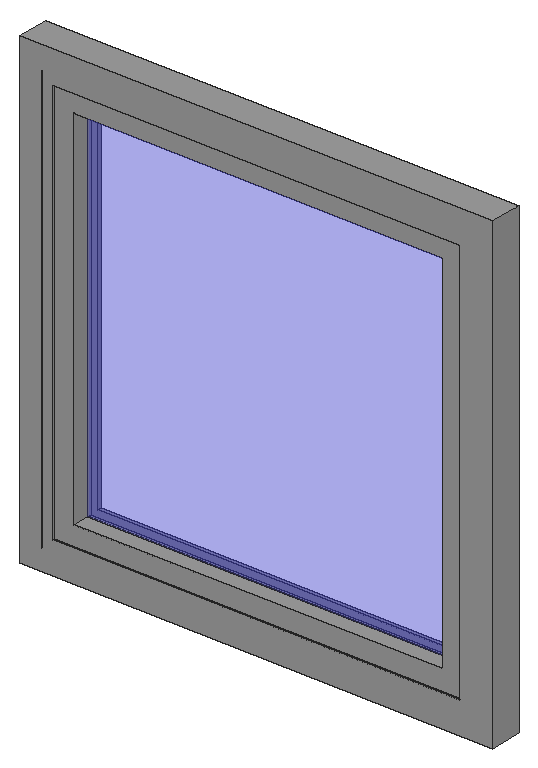
Revit family "12PL OP001_v02", category Windows, host Wall, Revit 2015
Parameters
  Wall Thickness [instance] = 0' - 6"
  URL = "obe.com"
  Rough Width = Width + 0' 0 1/2"  # 3' - 0 1/2"
  Rough Height = Height + 0' 0 1/2"  # 3' - 0 1/2"
  Offset Limitation [instance] = if((Offset + 0' 2 1/2") > Wall Thickness, (Wall Thickness - 0' 2 1/2"), Offset)  # 0' - 1"
  Offset [instance] = 0' - 1"
  Model = "12PL OP001"
  Manufacturer = "Oldcastle Building Envelope®"
  Keynote = "08 51 00"
  Height = 3' - 0"
  Glass Material = Glass
  Frame Material = Aluminum
  Description = "SIGNATURE SERIES 12PL"
  Default Sill Height = 2' - 0"
  Wall Closure = By host
  Width = 3' - 0"
  Construction Type = ""
  Assembly Code = "B2020"
  Analytic Construction = "<None>"
Reference planes (in)
  plane 1 "Center (Front/Back)": y = 0
  plane 2: z = 0
  plane 3 "Center (Left/Right)": x = 0
  plane 4 "Left": x = -18.25
  plane 5 "Right": x = 18.25
  plane 6 "Sill": z = 24
  plane 7 "Top": z = 60.5
  plane 8: x = 18
  plane 9: x = -18
  plane 10: z = 60.25
  plane 11: z = 24.25
  plane 12 "Offset": y = 2
  plane 13: z = 56.9995
  plane 14: z = 27.5005
  plane 15 "EXT": y = 1.96875
Forms (in)
  Sweep 1, solid, material "Aluminum" <- "Frame Material"
    path origin (0, 2, 0) x (1, 0, 0) y (0, 0, 1)
      loop
        line (-18, 59.125) -> (-18, 25.375)
    profile origin (-18, 2, 42.25) x (0, -1, 0) y (1, 0, 0)
      loop
        line (-0.15625, 1.125) -> (-0.15625, 2.063) -> (2.3125, 2.063) -> (2.3125, 3.751) -> (1.03125, 3.751) -> (1.03125, 3.2505) -> (0.03125, 3.2505) -> (0.03125, 3.7505) -> (-0.25, 3.7505) -> (-0.25, 1.125) -> (-0.15625, 1.125)
  Sweep 2, solid, material "Aluminum" <- "Frame Material"
    path origin (0, 2, 0) x (-1, 0, 0) y (0, 0, 1)
      loop
        line (-18, 59.125) -> (-18, 25.375)
    profile origin (18, 2, 42.25) x (0, -1, 0) y (1, 0, 0)
      loop
        line (-0.15625, -1.125) -> (-0.25, -1.125) -> (-0.25, -3.7505) -> (0.03125, -3.7505) -> (0.03125, -3.2505) -> (1.03125, -3.2505) -> (1.03125, -3.751) -> (2.3125, -3.751) -> (2.3125, -2.063) -> (-0.15625, -2.063) -> (-0.15625, -1.125)
  Sweep 3, solid, material "Aluminum" <- "Frame Material"
    path origin (0, 2, 0) x (1, 0, 0) y (0, 0, 1)
      loop
        line (-16.875, 24.25) -> (16.875, 24.25)
    profile origin (0, 2, 24.25) x (0, 0, 1) y (0, -1, 0)
      loop
        line (1.125, -0.15625) -> (1.125, -0.25) -> (3.7505, -0.25) -> (3.7505, 0.03125) -> (3.2505, 0.03125) -> (3.2505, 1.03125) -> (3.751, 1.03125) -> (3.751, 2.3125) -> (2.063, 2.3125) -> (2.063, -0.15625) -> (1.125, -0.15625)
  Sweep 4, solid, material "Aluminum" <- "Frame Material"
    path origin (0, 2, 120.5) x (1, 0, 0) y (0, 0, -1)
      loop
        line (-16.875, 60.25) -> (16.875, 60.25)
    profile origin (0, 2, 60.25) x (0, 0, 1) y (0, -1, 0)
      loop
        line (-1.125, -0.15625) -> (-2.063, -0.15625) -> (-2.063, 2.3125) -> (-3.751, 2.3125) -> (-3.751, 1.03125) -> (-3.2505, 1.03125) -> (-3.2505, 0.03125) -> (-3.7505, 0.03125) -> (-3.7505, -0.25) -> (-1.125, -0.25) -> (-1.125, -0.15625)
  Extrusion 5, solid, material "Glass" <- "Glass Material", detail levels coarse
    sketch origin (0, 0, 24) x (0, -1, 0) y (1, 0, 0)
      loop
        line (-1.96875, 14.7495) -> (-1.96875, -14.7495) -> (-0.96875, -14.7495) -> (-0.96875, 14.7495) -> (-1.96875, 14.7495)
    from 3.5005 to 32.9995
  Extrusion 6, solid, material "Glass" <- "Glass Material", detail levels medium+fine
    sketch origin (0, 0, 24) x (0, -1, 0) y (1, 0, 0)
      loop
        line (-1.96875, -14.7495) -> (-1.71875, -14.7495) -> (-1.71875, 14.7495) -> (-1.96875, 14.7495) -> (-1.96875, -14.7495)
      loop
        line (-1.20605, 14.7495) -> (-1.20605, -14.7495) -> (-0.96875, -14.7495) -> (-0.96875, 14.7495) -> (-1.20605, 14.7495)
    from 3.5005 to 32.9995
  Sweep 7, solid, material "Aluminum" <- "Frame Material"
    path origin (0, 2, 0) x (1, 0, 0) y (0, 0, 1)
      loop
        line (18.25, 60.25) -> (-18.25, 60.25)
    profile origin (0, 2, 60.25) x (0, 0, -1) y (0, -1, 0)
      loop
        line (2.25, 2.5) -> (-0.25, 2.5) -> (-0.25, 0) -> (1.375, 0) -> (1.375, 2.40625) -> (2.25, 2.40625) -> (2.25, 2.5)
  Sweep 8, solid, material "Aluminum" <- "Frame Material"
    path origin (0, 2, 0) x (1, 0, 0) y (0, 0, 1)
      loop
        line (18.25, 24.25) -> (-18.25, 24.25)
    profile origin (0, 2, 24.25) x (0, 0, -1) y (0, -1, 0)
      loop
        line (-1.375, 0) -> (0.25, 0) -> (0.25, 2.5) -> (-2.25, 2.5) -> (-2.25, 2.40625) -> (-1.375, 2.40625) -> (-1.375, 0)
  Sweep 9, solid, material "Aluminum" <- "Frame Material"
    path origin (0, 2, 0) x (1, 0, 0) y (0, 0, 1)
      loop
        line (-18, 60.5) -> (-18, 24)
    profile origin (-18, 2, 42.25) x (0, -1, 0) y (1, 0, 0)
      loop
        line (2.5, 2.25) -> (2.40625, 2.25) -> (2.40625, 1.375) -> (0, 1.375) -> (0, -0.25) -> (2.5, -0.25) -> (2.5, 2.25)
  Sweep 10, solid, material "Aluminum" <- "Frame Material"
    path origin (0, 2, 0) x (1, 0, 0) y (0, 0, 1)
      loop
        line (18.25, 24) -> (18.25, 60.5)
    profile origin (18.25, 2, 42.25) x (-1, 0, 0) y (0, -1, 0)
      loop
        line (1.625, 0) -> (1.625, 2.40625) -> (2.5, 2.40625) -> (2.5, 2.5) -> (0, 2.5) -> (0, 0) -> (1.625, 0)
Cuts and joins
  joined: Sweep 1, Sweep 2, Sweep 3, Sweep 4
  joined: Sweep 7, Sweep 8, Sweep 9, Sweep 10
Lines and regions (in)
  Opening 1
    outline origin (-60.68597, -3, 0) x (1, 0, 0) y (0, 0, 1)
      loop
        line (42.43597, 60.5) -> (42.43597, 24) -> (78.93597, 24) -> (78.93597, 60.5) -> (42.43597, 60.5)
  model lines, style "Opening Direction"
    curve 1: line (0, 1.96875, 56.499) -> (-14.2495, 1.96875, 28.0005)
    curve 2: line (0, 1.96875, 56.499) -> (14.249, 1.96875, 28.001)
Text (in)
  text "EXTERIOR" at (-58.6888, 50.90694, 0), in view "Ref. Level"
  text "INTERIOR" at (-58.6888, -37.76638, 0), in view "Ref. Level"
  text "Exterior" at (0, 43.65631, 123.19604), in view "Left"
  text "Exterior" at (0, 18.29385, 125.04747), in view "Right"
  text "Min Operable Size\n\n14\" width x 18\" height\n\n\n\nMax Operable Size\n\n72\" x 72\"\n\n\n\nMax Operable Area\n\n24 square feet" at (92.63041, 50.90694, 0), in view "Ref. Level"
Dimensions and locks (in)
  equal spacing: plane 4 "Left", plane 3 "Center (Left/Right)", plane 5 "Right"
  "Rough Height": plane 6 "Sill" to plane 7 "Top"
  "Default Sill Height": plane 2 to plane 6 "Sill"
  locked: plane 6 "Sill" to plane 11 at 0.25
  locked: plane 8 to plane 5 "Right" at 0.25
  "Height": plane 11 to plane 10
  "Offset Limitation": plane 12 "Offset" to host wall
  "Wall Thickness": host wall to host wall
  "Width": plane 9 to plane 8
  "Rough Width": plane 4 "Left" to plane 5 "Right"
  Extrusion 5 sketch curve to Extrusion 5 sketch curve to plane 12 "Offset" = 0' - 1" locked, 0' - 0 1/32" locked
  locked: plane 13 to plane 10 at 3.2505
  locked: plane 11 to plane 14 at 3.2505
  Extrusion 6 sketch curve to Extrusion 6 sketch curve to Extrusion 6 sketch curve to Extrusion 6 sketch curve to plane 12 "Offset" = 0' - 0.2373" locked, 0' - 0.5127" locked, 0' - 0 1/4" locked, 0' - 0 1/32" locked
  locked: plane 15 "EXT" to plane 12 "Offset" at 0.03125
  plane 6 "Sill" to plane 7 "Top" = 3' - 0 1/2"
  locked: Sweep 2 sketch curve to plane 10 at 1.125
  locked: plane 11 to Sweep 2 sketch curve at 1.125
  locked: plane 9 to Sweep 3 sketch curve at 1.125
  locked: Sweep 3 sketch curve to plane 8 at 1.125
  locked: plane 6 "Sill" to Sweep 1 sketch curve at 1.375
  locked: Sweep 1 sketch curve to plane 7 "Top" at 1.375
  locked: Sweep 4 sketch curve to plane 5 "Right" at 1.375
  locked: plane 4 "Left" to Sweep 4 sketch curve at 1.375
  aligned and locked: plane 7 "Top" to Opening 1 sketch curve
  aligned and locked: plane 6 "Sill" to Opening 1 sketch curve  (x2)
  aligned and locked: plane 5 "Right" to Opening 1 sketch curve
  aligned and locked: plane 4 "Left" to Opening 1 sketch curve
  aligned and locked: level to plane 2
  aligned and locked: plane 9 to Sweep 1 sketch curve
  aligned and locked: Sweep 2 sketch curve to plane 8
  aligned and locked: plane 11 to Sweep 3 sketch curve
  aligned and locked: Sweep 4 sketch curve to plane 10
  aligned and locked: Extrusion 5 to plane 13
  aligned and locked: plane 14 to Extrusion 5
  aligned and locked: plane 14 to Extrusion 6
  aligned and locked: Extrusion 6 to plane 13
  aligned and locked: plane 4 "Left" to Sweep 7 sketch curve
  aligned and locked: plane 5 "Right" to Sweep 7 sketch curve
  aligned and locked: plane 11 to Sweep 8 sketch curve
  aligned and locked: plane 4 "Left" to Sweep 8 sketch curve
  aligned and locked: plane 5 "Right" to Sweep 8 sketch curve
  aligned and locked: Sweep 9 sketch curve to plane 9
  aligned and locked: plane 6 "Sill" to Sweep 9 sketch curve
  aligned and locked: plane 7 "Top" to Sweep 9 sketch curve
  aligned and locked: plane 5 "Right" to Sweep 10 sketch curve
  aligned and locked: plane 7 "Top" to Sweep 10 sketch curve
  aligned and locked: plane 6 "Sill" to Sweep 10 sketch curve
Automatic sketch dimensions
  Sweep 1 sketch curve to plane 12 "Offset" = 0' - 0 5/32"
  Sweep 1 sketch curve to plane 12 "Offset" = 0' - 0 1/4"
  plane 12 "Offset" to Sweep 1 sketch curve = 0' - 0 1/32"
  Sweep 1 sketch curve to Sweep 1 sketch curve = 0' - 1"
  Sweep 1 sketch curve to Sweep 1 sketch curve = 0' - 1 9/32"
  Sweep 1 sketch curve to profile plane = 0' - 1 1/8"
  Sweep 1 sketch curve to Sweep 1 sketch curve = 0' - 1 3/16"
  Sweep 1 sketch curve to Sweep 1 sketch curve = 0' - 0 1/2"
  Sweep 1 sketch curve to Sweep 1 sketch curve = 0' - 0.5005"
  Sweep 2 sketch curve to plane 12 "Offset" = 0' - 0 1/4"
  plane 12 "Offset" to Sweep 2 sketch curve = 0' - 0 1/32"
  Sweep 2 sketch curve to Sweep 2 sketch curve = 0' - 1"
  Sweep 2 sketch curve to Sweep 2 sketch curve = 0' - 1 9/32"
  Sweep 2 sketch curve to Sweep 2 sketch curve = 0' - 1 3/16"
  Sweep 2 sketch curve to Sweep 2 sketch curve = 0' - 0 1/2"
  Sweep 2 sketch curve to Sweep 2 sketch curve = 0' - 0.5005"
  Sweep 3 sketch curve to plane 12 "Offset" = 0' - 0 1/4"
  Sweep 3 sketch curve to profile plane = 0' - 1 1/8"
  plane 12 "Offset" to Sweep 3 sketch curve = 0' - 0 1/32"
  Sweep 3 sketch curve to Sweep 3 sketch curve = 0' - 0 1/2"
  Sweep 3 sketch curve to Sweep 3 sketch curve = 0' - 0.5005"
  Sweep 3 sketch curve to Sweep 3 sketch curve = 0' - 1"
  plane 12 "Offset" to Sweep 4 sketch curve = 0' - 1 1/32"
  plane 12 "Offset" to Sweep 4 sketch curve = 0' - 0 1/32"
  Sweep 4 sketch curve to Sweep 4 sketch curve = 0' - 0.0005"
  Sweep 4 sketch curve to Sweep 4 sketch curve = 0' - 0 1/2"
  Sweep 4 sketch curve to plane 12 "Offset" = 0' - 0 1/4"
  profile plane to Sweep 4 sketch curve = 0' - 1 1/8"
  Extrusion 5 sketch curve to plane 9 = 0' - 3.2505"
  plane 8 to Extrusion 5 sketch curve = 0' - 3.2505"
  Extrusion 6 sketch curve to plane 9 = 0' - 3.2505"
  Extrusion 6 sketch curve to Extrusion 6 sketch curve = 0' - 0"  (x2)
  plane 8 to Extrusion 6 sketch curve = 0' - 3.2505"
  Sweep 3 sketch curve to Sweep 3 sketch curve = 0' - 1 3/16"
  Sweep 3 sketch curve to Sweep 3 sketch curve = 0' - 1 9/32"
  Sweep 3 sketch curve to plane 12 "Offset" = 0' - 0 5/32"
  Sweep 3 sketch curve to Sweep 3 sketch curve = 0' - 0.938"
  Sweep 4 sketch curve to Sweep 4 sketch curve = 0' - 1 9/32"
  Sweep 4 sketch curve to Sweep 4 sketch curve = 0' - 1.688"
  Sweep 4 sketch curve to plane 12 "Offset" = 0' - 0 5/32"
  Sweep 4 sketch curve to Sweep 4 sketch curve = 0' - 0.938"
  Sweep 1 sketch curve to Sweep 1 sketch curve = 0' - 0.938"
  profile plane to Sweep 2 sketch curve = 0' - 1 1/8"
  Sweep 2 sketch curve to plane 12 "Offset" = 0' - 0 5/32"
  Sweep 2 sketch curve to Sweep 2 sketch curve = 0' - 0.938"
  Sweep 7 sketch curve to plane 10 = 0' - 0"
  Sweep 7 sketch curve to plane 12 "Offset" = 0' - 0"
  profile plane to Sweep 7 sketch curve = 0' - 0 1/4"
  Sweep 7 sketch curve to profile plane = 0' - 1 3/8"
  Sweep 7 sketch curve to Sweep 7 sketch curve = 0' - 0 7/8"
  Sweep 7 sketch curve to Sweep 7 sketch curve = 0' - 2 13/32"
  Sweep 7 sketch curve to Sweep 7 sketch curve = 0' - 0 3/32"
  profile plane to Sweep 8 sketch curve = 0' - 2 1/4"
  Sweep 8 sketch curve to Sweep 8 sketch curve = 0' - 0 7/8"
  Sweep 8 sketch curve to profile plane = 0' - 0 1/4"
  Sweep 8 sketch curve to Sweep 8 sketch curve = 0' - 0 3/32"
  Sweep 8 sketch curve to Sweep 8 sketch curve = 0' - 2 13/32"
  Sweep 8 sketch curve to plane 12 "Offset" = 0' - 0"
  Sweep 9 sketch curve to Sweep 9 sketch curve = 0' - 0 3/32"
  profile plane to Sweep 9 sketch curve = 0' - 0 1/4"
  plane 12 "Offset" to Sweep 9 sketch curve = 0' - 0"
  Sweep 9 sketch curve to Sweep 9 sketch curve = 0' - 2 13/32"
  Sweep 9 sketch curve to profile plane = 0' - 1 3/8"
  Sweep 9 sketch curve to Sweep 9 sketch curve = 0' - 0 7/8"
  plane 12 "Offset" to Sweep 10 sketch curve = 0' - 0"
  Sweep 10 sketch curve to profile plane = 0' - 0"
  Sweep 10 sketch curve to Sweep 10 sketch curve = 0' - 0 7/8"
  Sweep 10 sketch curve to profile plane = 0' - 1 5/8"
  Sweep 10 sketch curve to Sweep 10 sketch curve = 0' - 2 13/32"
  Sweep 10 sketch curve to Sweep 10 sketch curve = 0' - 0 3/32"
  curve 1 to plane 14 = 0' - 0 1/2"
  curve 1 to plane 9 = 0' - 3.7505"
  curve 2 to plane 14 = 0' - 0.5005"
  plane 8 to curve 2 = 0' - 3.751"
  plane 13 to curve 2 = 0' - 0.5005"
  curve 2 to plane 3 "Center (Left/Right)" = 0' - 0"
